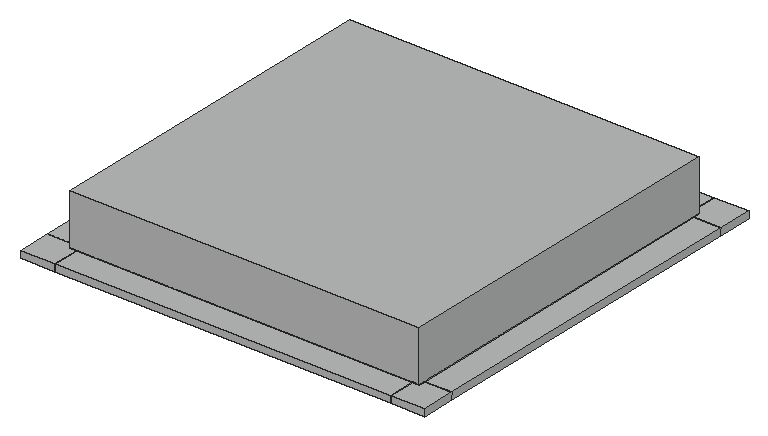
Revit family "ALUMOGIPS", category Осветительные приборы, Revit 2019 (continued)
Types (72, lengths in mm): name | Файл фотометрической сетки | built-in parameter 1150105 | Lumens | built-in parameter 1150106 | built-in parameter 1150142 | Wattage | Emit from Rectangle Width | Emit from Rectangle Length | Длина | Материал светильника | Ширина | ADSK_Ток | ADSK_Полная мощность | ADSK_Обозначение | ADSK_Номинальная мощность | ADSK_Наименование | ADSK_Масса | ADSK_Код изделия
  Alumogips-38/opal-sand 610х610 (IP40, 4000К, белый, грильято) c БАП на 1 час | "Светильник ALUMOGIPS-38 OPAL-SAND-(610x610).IES" | 302.39 (stored number, unit not read) | 3800 lm | 3.0239 (stored number, unit not read) | "IESNA:LM-63-95\r\n[TEST] Протокол № 50-12 \r\n[DATA] 20.06.2016\r\n[MORE] \r\n[MANUFAC] ЗАО \"Центрстройсвет\"\r\n[LUMCAT]  Светильник ALUMOGIPS-38/OPAL-SAND-(610x610)\r\n[LUMINAIRE]\r\n[LAMPCAT] Светодиоды\r\n[LAMP] Поток источника света (светодиодов) не известен\r\n[MORE] КСС приведена в абсолютных величинах кд\r\n[MORE] Вместо потока лампы, указан поток светильника.\r\nTILT=NONE\r\n1    3750 1.0 37 73 1 2 0.61 0.61 0.04\r\n1.0 1.0 38.7\r\n0.0 5.0 10.0 15.0 20.0 25.0 30.0 35.0 40.0 45.0 50.0 55.0 60.0 65.0 70.0 75.0 80.0 85.0 90.0 95.0 100.0 105.0 110.0 115.0 120.0 125.0 130.0 135.0 140.0 145.0 150.0 155.0 160.0 165.0 170.0 175.0 180.0\r\n0.0 5.0 10.0 15.0 20.0 25.0 30.0 35.0 40.0 45.0 50.0 55.0 60.0 65.0 70.0 75.0 80.0 85.0 90.0 95.0 100.0 105.0 110.0 115.0 120.0 125.0 130.0 135.0 140.0 145.0 150.0 155.0 160.0 165.0 170.0 175.0 180.0 185.0 190.0 195.0 200.0 205.0 210.0 215.0 220.0 225.0 230.0 235.0 240.0 245.0 250.0 255.0 260.0 265.0 270.0 275.0 280.0 285.0 290.0 295.0 300.0 305.0 310.0 315.0 320.0 325.0 330.0 335.0 340.0 345.0 350.0 355.0 360.0\r\n1391.4 1390.6 1365.7 1330.6 1277.5 1214.9 1147.5 1059.6 967.6 873.2 772.4 664.9 556.3 449.1 342.7 240.6 147.1 64.2 4.7 0.0 0.0 0.0 0.0 0.0 0.0 0.0 0.0 0.0 0.0 0.0 0.0 0.0 0.0 0.0 0.0 0.0 0.0\r\n1391.4 1390.5 1367.8 1332.7 1284.3 1221.3 1147.0 1062.1 969.2 872.4 773.2 666.3 557.1 450.1 343.8 241.9 146.9 64.7 5.2 0.0 0.0 0.0 0.0 0.0 0.0 0.0 0.0 0.0 0.0 0.0 0.0 0.0 0.0 0.0 0.0 0.0 0.0\r\n1391.4 1390.2 1372.0 1333.3 1277.3 1216.8 1144.5 1057.4 969.6 875.1 773.8 669.5 560.0 454.6 345.8 242.4 148.5 65.8 5.4 0.0 0.0 0.0 0.0 0.0 0.0 0.0 0.0 0.0 0.0 0.0 0.0 0.0 0.0 0.0 0.0 0.0 0.0\r\n1391.4 1389.8 1371.2 1330.7 1279.5 1220.5 1148.3 1059.9 967.7 873.2 767.5 666.8 561.4 453.0 347.1 243.7 149.9 65.6 5.8 0.0 0.0 0.0 0.0 0.0 0.0 0.0 0.0 0.0 0.0 0.0 0.0 0.0 0.0 0.0 0.0 0.0 0.0\r\n1391.4 1389.8 1368.3 1329.3 1285.0 1214.6 1141.1 1058.7 971.8 871.3 775.2 666.9 559.4 452.6 345.8 242.5 150.0 65.8 6.1 0.0 0.0 0.0 0.0 0.0 0.0 0.0 0.0 0.0 0.0 0.0 0.0 0.0 0.0 0.0 0.0 0.0 0.0\r\n1391.4 1390.5 1367.3 1332.3 1281.7 1219.0 1142.8 1064.6 970.5 874.4 772.1 667.5 560.2 453.0 346.2 241.8 149.4 65.7 5.6 0.0 0.0 0.0 0.0 0.0 0.0 0.0 0.0 0.0 0.0 0.0 0.0 0.0 0.0 0.0 0.0 0.0 0.0\r\n1391.4 1391.4 1368.1 1333.5 1277.3 1215.7 1139.0 1059.6 968.1 872.4 771.6 667.4 558.8 453.3 344.3 243.9 148.4 65.7 5.4 0.0 0.0 0.0 0.0 0.0 0.0 0.0 0.0 0.0 0.0 0.0 0.0 0.0 0.0 0.0 0.0 0.0 0.0\r\n1391.4 1391.7 1368.1 1330.4 1278.2 1213.9 1142.4 1061.6 967.4 875.1 772.0 669.3 561.1 452.5 345.2 242.1 148.3 65.4 5.5 0.0 0.0 0.0 0.0 0.0 0.0 0.0 0.0 0.0 0.0 0.0 0.0 0.0 0.0 0.0 0.0 0.0 0.0\r\n1391.4 1391.5 1371.0 1328.4 1278.5 1216.7 1142.1 1061.2 971.8 874.7 772.1 668.9 560.8 452.9 345.4 243.3 147.7 66.0 5.4 0.0 0.0 0.0 0.0 0.0 0.0 0.0 0.0 0.0 0.0 0.0 0.0 0.0 0.0 0.0 0.0 0.0 0.0\r\n1391.4 1391.5 1373.2 1330.5 1277.3 1215.5 1143.2 1063.6 967.0 872.7 772.2 669.4 558.9 453.2 346.6 241.9 148.1 65.2 5.5 0.0 0.0 0.0 0.0 0.0 0.0 0.0 0.0 0.0 0.0 0.0 0.0 0.0 0.0 0.0 0.0 0.0 0.0\r\n1391.4 1391.4 1369.7 1328.3 1281.3 1216.0 1139.8 1057.9 968.7 875.3 773.9 667.6 561.8 454.0 344.0 243.1 147.2 65.6 5.5 0.0 0.0 0.0 0.0 0.0 0.0 0.0 0.0 0.0 0.0 0.0 0.0 0.0 0.0 0.0 0.0 0.0 0.0\r\n1391.4 1390.5 1367.9 1330.1 1278.1 1218.1 1138.9 1061.0 970.0 871.8 770.4 669.3 560.2 453.4 346.9 242.1 148.3 65.2 5.2 0.0 0.0 0.0 0.0 0.0 0.0 0.0 0.0 0.0 0.0 0.0 0.0 0.0 0.0 0.0 0.0 0.0 0.0\r\n1391.4 1389.3 1368.2 1329.1 1280.8 1214.4 1142.5 1059.2 967.2 874.3 772.4 668.0 563.1 452.3 345.7 242.8 146.8 64.9 5.1 0.0 0.0 0.0 0.0 0.0 0.0 0.0 0.0 0.0 0.0 0.0 0.0 0.0 0.0 0.0 0.0 0.0 0.0\r\n1391.4 1388.6 1367.4 1327.8 1278.0 1215.7 1141.0 1061.0 971.5 877.3 771.2 667.3 561.5 453.0 346.4 242.4 146.3 64.8 5.2 0.0 0.0 0.0 0.0 0.0 0.0 0.0 0.0 0.0 0.0 0.0 0.0 0.0 0.0 0.0 0.0 0.0 0.0\r\n1391.4 1388.0 1367.6 1326.7 1278.3 1218.0 1140.9 1061.5 968.4 873.4 770.1 666.6 562.1 454.6 344.8 241.8 146.4 64.0 5.5 0.0 0.0 0.0 0.0 0.0 0.0 0.0 0.0 0.0 0.0 0.0 0.0 0.0 0.0 0.0 0.0 0.0 0.0\r\n1391.4 1387.2 1366.1 1331.0 1281.4 1216.3 1142.7 1059.1 969.4 871.5 772.2 667.3 560.5 453.0 344.4 242.2 146.4 63.8 5.6 0.0 0.0 0.0 0.0 0.0 0.0 0.0 0.0 0.0 0.0 0.0 0.0 0.0 0.0 0.0 0.0 0.0 0.0\r\n1391.4 1387.1 1366.3 1328.7 1276.9 1214.5 1141.2 1059.3 968.4 874.3 775.5 668.3 562.5 454.9 346.4 241.3 146.2 63.5 5.7 0.0 0.0 0.0 0.0 0.0 0.0 0.0 0.0 0.0 0.0 0.0 0.0 0.0 0.0 0.0 0.0 0.0 0.0\r\n1391.4 1388.4 1366.0 1329.7 1279.2 1217.9 1140.0 1060.5 969.0 873.9 772.0 671.3 560.4 453.2 343.7 241.7 145.8 63.7 5.4 0.0 0.0 0.0 0.0 0.0 0.0 0.0 0.0 0.0 0.0 0.0 0.0 0.0 0.0 0.0 0.0 0.0 0.0\r\n1391.4 1389.6 1367.7 1329.3 1277.2 1211.1 1140.1 1061.0 971.0 871.2 769.2 669.1 561.5 453.1 343.3 241.9 145.8 63.4 5.2 0.0 0.0 0.0 0.0 0.0 0.0 0.0 0.0 0.0 0.0 0.0 0.0 0.0 0.0 0.0 0.0 0.0 0.0\r\n1391.4 1388.8 1366.9 1327.1 1279.4 1214.2 1142.5 1056.4 970.7 870.3 771.0 665.1 560.4 453.3 343.8 241.1 145.7 63.4 5.2 0.0 0.0 0.0 0.0 0.0 0.0 0.0 0.0 0.0 0.0 0.0 0.0 0.0 0.0 0.0 0.0 0.0 0.0\r\n1391.4 1387.2 1365.8 1328.9 1276.6 1210.2 1141.4 1059.3 966.6 871.4 770.5 667.4 559.2 451.4 344.2 241.0 145.6 63.2 5.1 0.0 0.0 0.0 0.0 0.0 0.0 0.0 0.0 0.0 0.0 0.0 0.0 0.0 0.0 0.0 0.0 0.0 0.0\r\n1391.4 1386.8 1364.4 1329.8 1279.4 1213.7 1144.0 1059.0 965.3 873.7 768.8 668.9 559.4 449.5 342.6 241.5 144.6 63.4 5.0 0.0 0.0 0.0 0.0 0.0 0.0 0.0 0.0 0.0 0.0 0.0 0.0 0.0 0.0 0.0 0.0 0.0 0.0\r\n1391.4 1388.1 1365.8 1328.1 1273.8 1213.4 1137.9 1059.2 967.3 869.2 769.3 667.7 558.4 451.4 344.0 240.6 145.7 63.4 4.9 0.0 0.0 0.0 0.0 0.0 0.0 0.0 0.0 0.0 0.0 0.0 0.0 0.0 0.0 0.0 0.0 0.0 0.0\r\n1391.4 1389.2 1364.4 1323.2 1276.3 1213.8 1137.6 1055.3 963.1 871.0 767.7 664.1 559.7 447.1 342.4 240.1 145.2 63.9 5.1 0.0 0.0 0.0 0.0 0.0 0.0 0.0 0.0 0.0 0.0 0.0 0.0 0.0 0.0 0.0 0.0 0.0 0.0\r\n1391.4 1388.4 1362.3 1326.8 1274.4 1212.2 1137.9 1054.7 966.7 867.9 768.7 663.4 557.3 449.2 343.3 240.0 145.7 63.6 5.0 0.0 0.0 0.0 0.0 0.0 0.0 0.0 0.0 0.0 0.0 0.0 0.0 0.0 0.0 0.0 0.0 0.0 0.0\r\n1391.4 1386.2 1361.8 1326.5 1273.3 1211.2 1134.5 1048.6 964.3 866.3 767.8 662.9 556.7 449.5 341.9 239.8 145.7 63.7 5.0 0.0 0.0 0.0 0.0 0.0 0.0 0.0 0.0 0.0 0.0 0.0 0.0 0.0 0.0 0.0 0.0 0.0 0.0\r\n1391.4 1384.4 1363.5 1324.4 1272.0 1209.5 1137.2 1053.0 960.2 867.5 767.9 662.7 556.7 449.2 342.5 239.1 146.2 63.8 4.8 0.0 0.0 0.0 0.0 0.0 0.0 0.0 0.0 0.0 0.0 0.0 0.0 0.0 0.0 0.0 0.0 0.0 0.0\r\n1391.4 1383.7 1362.4 1324.4 1274.0 1209.5 1134.4 1050.1 965.4 864.9 764.6 662.3 556.6 447.9 340.5 240.3 145.5 64.6 4.6 0.0 0.0 0.0 0.0 0.0 0.0 0.0 0.0 0.0 0.0 0.0 0.0 0.0 0.0 0.0 0.0 0.0 0.0\r\n1391.4 1384.4 1361.9 1326.9 1270.2 1207.3 1132.7 1050.1 959.7 867.7 763.1 662.2 555.0 447.3 343.0 238.3 145.8 63.9 4.7 0.0 0.0 0.0 0.0 0.0 0.0 0.0 0.0 0.0 0.0 0.0 0.0 0.0 0.0 0.0 0.0 0.0 0.0\r\n1391.4 1385.1 1363.0 1320.0 1270.4 1207.9 1134.4 1055.0 963.5 867.3 766.7 660.7 555.9 450.1 342.6 240.2 145.9 64.3 4.9 0.0 0.0 0.0 0.0 0.0 0.0 0.0 0.0 0.0 0.0 0.0 0.0 0.0 0.0 0.0 0.0 0.0 0.0\r\n1391.4 1384.9 1362.3 1321.4 1273.1 1208.0 1135.4 1052.3 961.9 865.0 764.0 660.8 553.5 447.6 341.2 240.3 146.1 63.8 4.8 0.0 0.0 0.0 0.0 0.0 0.0 0.0 0.0 0.0 0.0 0.0 0.0 0.0 0.0 0.0 0.0 0.0 0.0\r\n1391.4 1383.8 1361.2 1322.1 1265.1 1211.5 1132.8 1049.3 961.3 863.4 764.0 661.0 550.7 447.9 341.0 240.1 146.2 63.8 4.6 0.0 0.0 0.0 0.0 0.0 0.0 0.0 0.0 0.0 0.0 0.0 0.0 0.0 0.0 0.0 0.0 0.0 0.0\r\n1391.4 1382.8 1359.3 1321.5 1269.3 1206.8 1132.8 1051.1 958.3 863.2 763.1 662.7 553.4 448.0 340.4 240.0 145.8 63.8 4.0 0.0 0.0 0.0 0.0 0.0 0.0 0.0 0.0 0.0 0.0 0.0 0.0 0.0 0.0 0.0 0.0 0.0 0.0\r\n1391.4 1382.6 1359.0 1319.6 1268.1 1204.3 1129.8 1049.0 957.7 861.8 761.7 658.4 554.2 446.1 340.4 239.0 145.6 63.8 3.8 0.0 0.0 0.0 0.0 0.0 0.0 0.0 0.0 0.0 0.0 0.0 0.0 0.0 0.0 0.0 0.0 0.0 0.0\r\n1391.4 1382.8 1358.5 1315.8 1266.5 1202.1 1128.5 1049.2 957.6 860.0 762.1 658.2 549.9 443.8 339.6 238.4 145.7 63.6 3.7 0.0 0.0 0.0 0.0 0.0 0.0 0.0 0.0 0.0 0.0 0.0 0.0 0.0 0.0 0.0 0.0 0.0 0.0\r\n1391.4 1382.2 1360.5 1319.2 1265.9 1204.5 1129.9 1046.9 955.0 862.9 758.9 657.9 552.5 444.9 338.9 238.8 145.3 63.6 3.3 0.0 0.0 0.0 0.0 0.0 0.0 0.0 0.0 0.0 0.0 0.0 0.0 0.0 0.0 0.0 0.0 0.0 0.0\r\n1391.4 1381.1 1361.2 1321.0 1268.1 1203.8 1128.8 1047.4 955.6 863.7 761.1 656.4 551.5 445.2 339.2 238.5 144.7 62.5 3.5 0.0 0.0 0.0 0.0 0.0 0.0 0.0 0.0 0.0 0.0 0.0 0.0 0.0 0.0 0.0 0.0 0.0 0.0\r\n1391.4 1380.6 1359.0 1316.4 1268.5 1204.0 1126.1 1049.5 956.2 859.6 759.7 656.5 549.2 444.3 338.4 236.1 143.8 61.6 3.2 0.0 0.0 0.0 0.0 0.0 0.0 0.0 0.0 0.0 0.0 0.0 0.0 0.0 0.0 0.0 0.0 0.0 0.0\r\n1391.4 1380.7 1356.6 1316.0 1267.0 1205.6 1130.3 1044.8 956.9 856.7 759.3 653.5 548.1 441.9 335.3 235.4 141.4 60.3 2.9 0.0 0.0 0.0 0.0 0.0 0.0 0.0 0.0 0.0 0.0 0.0 0.0 0.0 0.0 0.0 0.0 0.0 0.0\r\n1391.4 1380.4 1354.4 1317.9 1268.8 1199.0 1129.0 1044.0 956.9 860.6 758.3 656.9 549.1 442.0 334.4 236.1 141.7 60.5 2.6 0.0 0.0 0.0 0.0 0.0 0.0 0.0 0.0 0.0 0.0 0.0 0.0 0.0 0.0 0.0 0.0 0.0 0.0\r\n1391.4 1380.1 1356.7 1322.1 1264.6 1201.7 1129.9 1047.4 957.2 859.7 758.2 656.1 549.4 442.8 335.3 235.8 141.3 60.6 2.3 0.0 0.0 0.0 0.0 0.0 0.0 0.0 0.0 0.0 0.0 0.0 0.0 0.0 0.0 0.0 0.0 0.0 0.0\r\n1391.4 1379.9 1357.3 1317.5 1265.9 1207.8 1129.2 1046.5 955.7 860.2 758.6 656.9 550.7 441.9 335.4 233.9 140.6 60.2 2.4 0.0 0.0 0.0 0.0 0.0 0.0 0.0 0.0 0.0 0.0 0.0 0.0 0.0 0.0 0.0 0.0 0.0 0.0\r\n1391.4 1379.2 1355.5 1314.6 1269.3 1203.7 1133.5 1044.8 957.2 857.9 762.0 656.6 548.7 440.4 335.9 234.5 140.4 59.8 2.8 0.0 0.0 0.0 0.0 0.0 0.0 0.0 0.0 0.0 0.0 0.0 0.0 0.0 0.0 0.0 0.0 0.0 0.0\r\n1391.4 1377.9 1357.1 1319.2 1271.9 1204.4 1128.6 1050.2 953.1 856.9 757.6 653.7 548.9 439.9 335.4 232.4 140.5 59.2 3.0 0.0 0.0 0.0 0.0 0.0 0.0 0.0 0.0 0.0 0.0 0.0 0.0 0.0 0.0 0.0 0.0 0.0 0.0\r\n1391.4 1377.2 1356.3 1322.9 1266.0 1204.8 1132.2 1049.0 958.1 859.3 759.0 654.6 547.0 441.6 334.9 232.1 139.3 58.8 2.9 0.0 0.0 0.0 0.0 0.0 0.0 0.0 0.0 0.0 0.0 0.0 0.0 0.0 0.0 0.0 0.0 0.0 0.0\r\n1391.4 1377.8 1353.8 1319.7 1269.6 1207.9 1135.8 1049.5 955.8 858.0 762.4 655.9 548.2 441.6 335.6 231.7 139.4 58.8 2.8 0.0 0.0 0.0 0.0 0.0 0.0 0.0 0.0 0.0 0.0 0.0 0.0 0.0 0.0 0.0 0.0 0.0 0.0\r\n1391.4 1378.5 1355.2 1319.8 1267.3 1206.5 1131.2 1046.1 954.6 861.2 756.6 653.8 548.1 440.3 335.0 232.6 138.6 59.0 2.9 0.0 0.0 0.0 0.0 0.0 0.0 0.0 0.0 0.0 0.0 0.0 0.0 0.0 0.0 0.0 0.0 0.0 0.0\r\n1391.4 1378.6 1355.1 1318.3 1269.7 1200.8 1133.1 1049.0 957.6 862.5 762.4 656.9 549.3 443.5 334.7 231.2 138.8 58.1 3.0 0.0 0.0 0.0 0.0 0.0 0.0 0.0 0.0 0.0 0.0 0.0 0.0 0.0 0.0 0.0 0.0 0.0 0.0\r\n1391.4 1378.8 1355.8 1321.7 1268.8 1210.0 1129.0 1048.5 958.8 862.4 762.2 656.4 549.0 441.1 335.4 231.5 138.5 58.1 3.0 0.0 0.0 0.0 0.0 0.0 0.0 0.0 0.0 0.0 0.0 0.0 0.0 0.0 0.0 0.0 0.0 0.0 0.0\r\n1391.4 1379.6 1357.6 1321.7 1269.0 1207.1 1133.9 1047.0 964.1 863.3 761.9 656.4 551.5 440.7 334.9 232.2 137.6 58.1 2.8 0.0 0.0 0.0 0.0 0.0 0.0 0.0 0.0 0.0 0.0 0.0 0.0 0.0 0.0 0.0 0.0 0.0 0.0\r\n1391.4 1380.6 1357.7 1319.2 1272.0 1207.5 1131.3 1054.6 959.0 863.3 764.8 655.9 549.1 443.0 335.1 231.3 138.0 58.1 2.7 0.0 0.0 0.0 0.0 0.0 0.0 0.0 0.0 0.0 0.0 0.0 0.0 0.0 0.0 0.0 0.0 0.0 0.0\r\n1391.4 1381.5 1358.5 1321.9 1271.0 1204.1 1135.9 1055.8 962.5 865.5 761.1 656.9 550.6 442.0 335.3 231.9 137.4 57.9 2.6 0.0 0.0 0.0 0.0 0.0 0.0 0.0 0.0 0.0 0.0 0.0 0.0 0.0 0.0 0.0 0.0 0.0 0.0\r\n1391.4 1381.3 1358.5 1322.3 1270.8 1207.2 1133.7 1051.9 958.0 867.3 767.5 657.0 552.1 442.3 333.6 231.2 137.9 57.8 2.6 0.0 0.0 0.0 0.0 0.0 0.0 0.0 0.0 0.0 0.0 0.0 0.0 0.0 0.0 0.0 0.0 0.0 0.0\r\n1391.4 1380.6 1359.4 1319.7 1270.6 1209.0 1133.0 1052.1 963.9 867.5 764.1 660.0 554.0 443.3 334.8 231.7 137.6 57.8 2.7 0.0 0.0 0.0 0.0 0.0 0.0 0.0 0.0 0.0 0.0 0.0 0.0 0.0 0.0 0.0 0.0 0.0 0.0\r\n1391.4 1381.3 1359.9 1321.3 1270.6 1204.8 1135.0 1051.3 962.1 865.5 761.7 660.3 553.1 443.5 334.1 231.9 137.9 57.8 2.8 0.0 0.0 0.0 0.0 0.0 0.0 0.0 0.0 0.0 0.0 0.0 0.0 0.0 0.0 0.0 0.0 0.0 0.0\r\n1391.4 1383.1 1362.1 1324.8 1273.8 1208.7 1134.8 1055.9 961.8 866.4 762.3 659.7 552.4 443.7 334.4 232.8 138.0 58.0 2.8 0.0 0.0 0.0 0.0 0.0 0.0 0.0 0.0 0.0 0.0 0.0 0.0 0.0 0.0 0.0 0.0 0.0 0.0\r\n1391.4 1384.6 1360.4 1321.7 1272.0 1210.6 1130.9 1052.5 963.1 866.7 767.4 659.3 553.7 444.6 335.4 233.1 138.3 58.0 2.8 0.0 0.0 0.0 0.0 0.0 0.0 0.0 0.0 0.0 0.0 0.0 0.0 0.0 0.0 0.0 0.0 0.0 0.0\r\n1391.4 1385.6 1357.5 1324.7 1273.9 1211.6 1134.3 1052.7 963.6 865.4 763.1 658.7 552.2 444.9 336.9 232.8 138.8 58.6 2.9 0.0 0.0 0.0 0.0 0.0 0.0 0.0 0.0 0.0 0.0 0.0 0.0 0.0 0.0 0.0 0.0 0.0 0.0\r\n1391.4 1386.4 1357.8 1323.4 1273.2 1212.2 1136.3 1054.7 967.5 867.5 764.0 659.4 553.3 443.7 336.8 233.2 138.9 58.5 3.1 0.0 0.0 0.0 0.0 0.0 0.0 0.0 0.0 0.0 0.0 0.0 0.0 0.0 0.0 0.0 0.0 0.0 0.0\r\n1391.4 1386.6 1362.0 1324.9 1273.2 1211.3 1139.0 1049.9 960.3 866.4 768.0 661.3 552.2 443.4 336.3 233.4 139.8 58.9 3.1 0.0 0.0 0.0 0.0 0.0 0.0 0.0 0.0 0.0 0.0 0.0 0.0 0.0 0.0 0.0 0.0 0.0 0.0\r\n1391.4 1386.0 1360.5 1326.0 1271.8 1212.0 1137.2 1059.3 963.5 867.6 766.9 661.2 552.3 445.8 337.8 233.6 141.0 59.2 3.3 0.0 0.0 0.0 0.0 0.0 0.0 0.0 0.0 0.0 0.0 0.0 0.0 0.0 0.0 0.0 0.0 0.0 0.0\r\n1391.4 1385.0 1362.3 1325.1 1272.0 1207.1 1138.5 1053.6 964.5 865.8 766.5 661.6 554.3 445.9 337.0 234.5 140.4 60.2 3.5 0.0 0.0 0.0 0.0 0.0 0.0 0.0 0.0 0.0 0.0 0.0 0.0 0.0 0.0 0.0 0.0 0.0 0.0\r\n1391.4 1384.4 1361.8 1323.6 1274.0 1214.8 1138.9 1053.9 968.0 867.9 769.0 663.8 555.6 446.7 339.6 235.0 141.3 60.4 3.4 0.0 0.0 0.0 0.0 0.0 0.0 0.0 0.0 0.0 0.0 0.0 0.0 0.0 0.0 0.0 0.0 0.0 0.0\r\n1391.4 1385.0 1360.9 1322.2 1272.4 1209.8 1137.2 1055.7 962.7 869.7 769.6 658.2 556.6 447.4 338.5 236.2 142.5 60.7 3.4 0.0 0.0 0.0 0.0 0.0 0.0 0.0 0.0 0.0 0.0 0.0 0.0 0.0 0.0 0.0 0.0 0.0 0.0\r\n1391.4 1386.6 1363.1 1323.6 1272.5 1211.5 1139.2 1058.4 969.9 868.0 768.8 664.6 556.3 445.8 342.1 236.1 142.3 61.2 3.5 0.0 0.0 0.0 0.0 0.0 0.0 0.0 0.0 0.0 0.0 0.0 0.0 0.0 0.0 0.0 0.0 0.0 0.0\r\n1391.4 1388.6 1360.9 1330.2 1273.7 1213.2 1138.7 1058.3 966.2 867.0 766.8 663.4 553.3 447.1 339.2 238.7 143.0 61.4 3.8 0.0 0.0 0.0 0.0 0.0 0.0 0.0 0.0 0.0 0.0 0.0 0.0 0.0 0.0 0.0 0.0 0.0 0.0\r\n1391.4 1389.8 1360.8 1328.4 1276.8 1216.0 1140.1 1055.8 963.1 870.3 768.4 663.1 554.0 449.1 340.1 237.3 144.8 61.7 3.8 0.0 0.0 0.0 0.0 0.0 0.0 0.0 0.0 0.0 0.0 0.0 0.0 0.0 0.0 0.0 0.0 0.0 0.0\r\n1391.4 1389.3 1362.5 1325.9 1278.0 1210.4 1138.2 1054.7 967.8 872.7 770.2 661.9 556.5 446.9 341.3 237.7 144.4 62.5 3.9 0.0 0.0 0.0 0.0 0.0 0.0 0.0 0.0 0.0 0.0 0.0 0.0 0.0 0.0 0.0 0.0 0.0 0.0\r\n1391.4 1387.8 1365.8 1326.6 1274.3 1213.2 1141.4 1053.1 966.2 871.2 768.4 663.7 555.0 447.1 341.3 238.2 144.3 62.7 4.1 0.0 0.0 0.0 0.0 0.0 0.0 0.0 0.0 0.0 0.0 0.0 0.0 0.0 0.0 0.0 0.0 0.0 0.0\r\n1391.4 1387.2 1364.2 1328.3 1274.8 1209.4 1145.0 1060.0 963.9 867.5 766.5 663.4 556.7 448.2 340.9 240.3 144.7 63.3 4.0 0.0 0.0 0.0 0.0 0.0 0.0 0.0 0.0 0.0 0.0 0.0 0.0 0.0 0.0 0.0 0.0 0.0 0.0\r\n1391.4 1388.4 1364.9 1332.6 1279.0 1215.6 1140.9 1056.3 969.3 867.1 770.0 663.8 559.0 449.0 342.4 240.3 145.7 63.3 4.7 0.0 0.0 0.0 0.0 0.0 0.0 0.0 0.0 0.0 0.0 0.0 0.0 0.0 0.0 0.0 0.0 0.0 0.0\r\n1391.4 1390.0 1364.5 1329.3 1281.4 1217.7 1141.3 1063.3 970.3 871.1 768.8 663.5 555.2 449.3 342.4 239.8 146.6 63.3 4.9 0.0 0.0 0.0 0.0 0.0 0.0 0.0 0.0 0.0 0.0 0.0 0.0 0.0 0.0 0.0 0.0 0.0 0.0\r\n1391.4 1390.6 1365.7 1330.6 1277.5 1214.9 1147.5 1059.6 967.6 873.2 772.4 664.9 556.3 449.1 342.7 240.6 147.1 64.2 4.7 0.0 0.0 0.0 0.0 0.0 0.0 0.0 0.0 0.0 0.0 0.0 0.0 0.0 0.0 0.0 0.0 0.0 0.0\r\n" | 25.582 W | 590 | 590 | 610 | RAL 9001 | 610 | 0.179584 A | 41.3043 VA | "Alumogips-38/opal-sand 610х610 (IP40, 4000К, белый, грильято)" | 38 W | "Встраиваемый светодиодный светильник Alumogips-38/opal-sand 610х610 (IP40, 4000К, белый, грильято) c 
    БАП на 1 час" | 2.4 | "ЦБ000007809"
